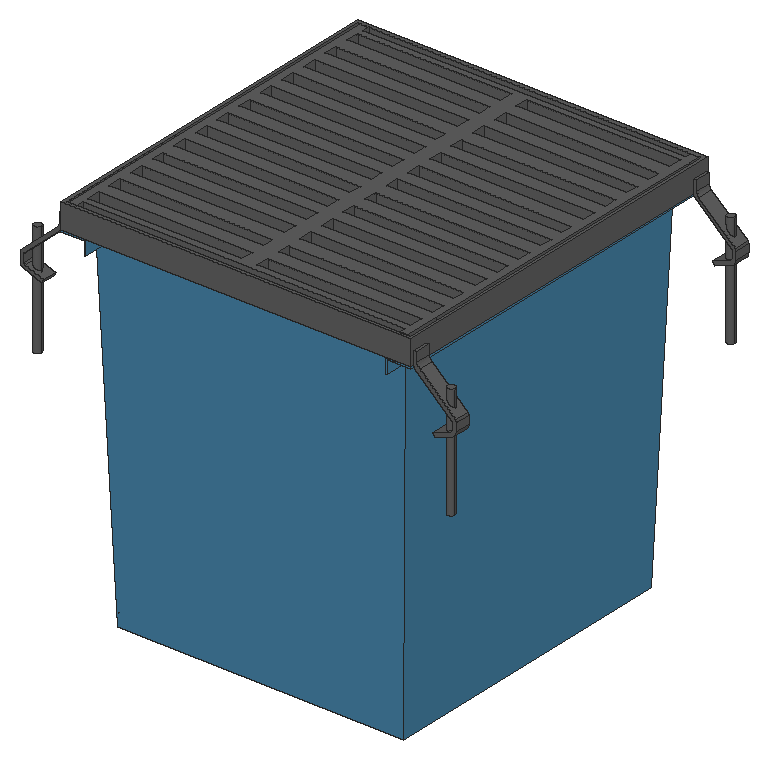
Revit family "Basin_Catch_23.25X24.625-Zurn-ZF817-24", category Plumbing Fixtures, Revit 2022
Family settings
  Round Connector Dimension = Use Radius
  Part Type = Normal
  OmniClass Number = 23.70.50.21.24.14
  OmniClass Title = Deck Waste Water Drains
  Work Plane-Based = No
  Always vertical = Yes
  Cut with Voids When Loaded = No
  Maintain Annotation Orientation = No
  Shared = No
  Room Calculation Point = No
Parameters (values of type "ZF812-24  With 4 Inch No Hub Bottom Outlet")
  Waste Connection = 1 = 1  # yes
  WFU = 1  # constant formula
  Vent Connection = 1 = 0  # no
  URL = "www.zurn.com"
  Type Comments = "ZF812-24 With 4 Inch No Hub Bottom Outlet"
  Product data url = "https://www.bimobject.com/en-us/zurnindustries/product/zurn-zf817-24"
  Product Page URL = "https://www.zurn.com/products/drainage-interceptors/trench-drain-systems/catch-basin/zf817-24"
  Product Documentation Link = "https://files.zurn.com/spec-sheets/zf817-24.pdf"
  Pipe Size_A Outer Radius = Pipe Size_A Outer Diameter / 2  # 2.250"
  Pipe Size_A Outer Diameter = 4.500"
  Pipe Size_A Nominal Radius = Pipe Size_A Nominal Diameter / 2  # 2.000"
  Pipe Size_A Nominal Diameter = 4.000"
  Pipe Size_A Inside Radius = Pipe Size_A Inside Diameter / 2  # 2.013"
  Pipe Size_A Inside Diameter = 4.026"
  Modified Date = "12/23/2025"  # constant formula
  Model = "ZF812-24"
  Material_Grate [instance] = Iron - Zurn - Cast - Ductile - Painted Black
  Manufacurer Brand = "Zurn"  # constant formula
  Manufacturer = "Zurn Water, LLC"  # constant formula
  Main Material = Polymer - Zurn - Fiber Reinforced Blue
  HWFU = 0  # constant formula
  HW Connection = 1 = 0  # no
  End Outlet = no
  Description = "23-1/4 [591] WIDE REVEAL X 24-5/8 [625] LONG REINFORCED POLYMER CATCH BASIN"  # constant formula
  Default Elevation = 20.000"  # constant formula
  Date Created = "11/13/2018"  # constant formula
  Connector Radius = Pipe Size_A Nominal Diameter / 2  # 2.000"
  CWFU = 0  # constant formula
  CW Connection = 1 = 0  # no
  Bottom Outlet = yes
  Assembly Code = "D2040300"
Types (7): name | Type Comments | Pipe Size_A Outer Radius | Pipe Size_A Outer Diameter | Pipe Size_A Nominal Radius | Pipe Size_A Nominal Diameter | Pipe Size_A Inside Radius | Pipe Size_A Inside Diameter | End Outlet | Connector Radius | Bottom Outlet
  (no name) | "ZF812-24 With 4 Inch No Hub Bottom Outlet" | 2.250" | 4.500" | 2.000" | 4.000" | 2.013" | 4.026" | no | 2.000" | yes
  ZF812-24 With 4 Inch No Hub End Outlet | "ZF812-24 With 4 Inch No Hub End Outlet" | 2.250" | 4.500" | 2.000" | 4.000" | 2.013" | 4.026" | yes | 2.000" | no
  ZF812-24 With 6 Inch No Hub End Outlet | "ZF812-24 With 6 Inch No Hub End Outlet" | 3.3125" | 6.625" | 3.000" | 6.000" | 3.0325" | 6.065" | yes | 3.000" | no
  ZF812-24 With 8 Inch No Hub End Outlet | "ZF812-24 With 8 Inch No Hub End Outlet" | 4.3125" | 8.625" | 4.000" | 8.000" | 3.9905" | 7.981" | yes | 4.000" | no
  ZF812-24  With 4 Inch No Hub Bottom Outlet | "ZF812-24 With 4 Inch No Hub Bottom Outlet" | 2.250" | 4.500" | 2.000" | 4.000" | 2.013" | 4.026" | no | 2.000" | yes
  ZF812-24 With 6 Inch No Hub Bottom Outlet | "ZF812-24 With 6 Inch No Hub Bottom Outlet" | 3.3125" | 6.625" | 3.000" | 6.000" | 3.0325" | 6.065" | no | 3.000" | yes
  ZF812-24 With 8 Inch No Hub Bottom Outlet | "ZF812-24 With 8 Inch No Hub Bottom Outlet" | 4.3125" | 8.625" | 4.000" | 8.000" | 3.9905" | 7.981" | no | 4.000" | yes
Reference planes (in)
  plane 1 "Center (Front/Back)": y = 0
  plane 2: z = 0
  plane 3 "Center (Left/Right)": x = 0
  plane 4: x = -11.625
  plane 5: x = 11.625
  plane 6: z = -1.6875
  plane 7: x = 11.437
  plane 8: x = -11.437
  plane 9: z = -1.4995
  plane 10: y = 12.3125
  plane 11: y = -12.3125
  plane 12 "001": z = -1.8125
  plane 13 "002": z = -25.5
  plane 14: through (-5.0483, -180, 1.3572) normal (0.9994, 0, 0.0349)
  plane 15: through (-5.23619, -180, 1.35064) normal (0.9994, 0, 0.0349)
  plane 16: z = -25.312
  plane 17 "L": y = -12.1245
  plane 18: y = 12.1245
  plane 19: x = 14.5
  plane 20: x = 14.25
  plane 21: z = -5.4375
  plane 22: x = -2
  plane 23: x = 2
  plane 24 "Bottom Outlet": z = -27.5
  plane 25: z = -20.812
  plane 26 "003": z = -9.9375
  plane 27: x = -2
  plane 28: x = 2
  plane 29: y = 10.969
  plane 30: y = -10.969
  plane 31: y = -10.18
  plane 32: y = 10.18
  plane 33: z = -1.78125
  plane 34: x = -14.5
  plane 35: y = 2
  plane 36: y = -2
  plane 37: z = -18.812
  plane 38: z = -22.812
Forms (in)
  Extrusion 1, solid, material "Polymer - Zurn - Fiber Reinforced Blue" <- "Main Material", detail levels fine
    sketch origin (0, 0, 0) x (1, 0, 0) y (0, 0, 1)
      loop
        line (10.0625, -1.78125) -> (11.625, -1.78125) -> (11.625, -1.6875) -> (9.96875, -1.6875) -> (9.96875, -2.65625) -> (10.0625, -2.65625) -> (10.0625, -1.78125)
      loop
        line (-10.0625, -1.78125) -> (-10.0625, -2.65625) -> (-9.96875, -2.65625) -> (-9.96875, -1.6875) -> (-11.625, -1.6875) -> (-11.625, -1.78125) -> (-10.0625, -1.78125)
    from -12.3125 to 12.3125
  Extrusion 2, solid, material "Iron - Zurn - Cast - Ductile - Painted Black" <- "Material_Grate", detail levels fine
    sketch origin (0, 0, 0) x (1, 0, 0) y (0, 0, 1)
      loop
        line (11.625, -0.75) -> (11.625, -1.52613)
        arc (11.625, -1.52613) -> (11.65821, -1.68278) -> (11.75211, -1.8125) r 0.38614
        line (11.75211, -1.8125) -> (14.20763, -4.03354)
        arc (14.20763, -4.03354) -> (14.23714, -4.04171) -> (14.25, -4.06949) r 0.03643
        line (14.25, -4.06949) -> (14.25, -4.61807)
        arc (14.25, -4.61807) -> (14.22812, -4.68872) -> (14.17014, -4.73464) r 0.125
        line (14.17014, -4.73464) -> (12.95704, -5.20437) -> (13.04731, -5.4375) -> (14.26041, -4.96777)
        arc (14.26041, -4.96777) -> (14.43436, -4.83003) -> (14.5, -4.61807) r 0.375
        line (14.5, -4.61807) -> (14.5, -4.0806)
        arc (14.5, -4.0806) -> (14.48936, -3.9991) -> (14.45816, -3.92305) r 0.31754
        line (14.45816, -3.92305) -> (12.02787, -1.72483)
        arc (12.02787, -1.72483) -> (11.91493, -1.56883) -> (11.875, -1.38043) r 0.46438
        line (11.875, -1.38043) -> (11.875, -0.75) -> (11.625, -0.75)
      loop
        line (-11.625, -0.75) -> (-11.875, -0.75) -> (-11.875, -1.38043)
        arc (-11.875, -1.38043) -> (-11.91493, -1.56883) -> (-12.02787, -1.72483) r 0.46438
        line (-12.02787, -1.72483) -> (-14.45816, -3.92305)
        arc (-14.45816, -3.92305) -> (-14.48936, -3.9991) -> (-14.5, -4.0806) r 0.31754
        line (-14.5, -4.0806) -> (-14.5, -4.61807)
        arc (-14.5, -4.61807) -> (-14.43436, -4.83003) -> (-14.26041, -4.96777) r 0.375
        line (-14.26041, -4.96777) -> (-13.04731, -5.4375) -> (-12.95704, -5.20437) -> (-14.17014, -4.73464)
        arc (-14.17014, -4.73464) -> (-14.22812, -4.68872) -> (-14.25, -4.61807) r 0.125
        line (-14.25, -4.61807) -> (-14.25, -4.06949)
        arc (-14.25, -4.06949) -> (-14.23714, -4.04171) -> (-14.20763, -4.03354) r 0.03643
        line (-14.20763, -4.03354) -> (-11.75211, -1.8125)
        arc (-11.75211, -1.8125) -> (-11.65821, -1.68278) -> (-11.625, -1.52613) r 0.38614
        line (-11.625, -1.52613) -> (-11.625, -0.75)
    from 12.1245 to 11.1245
  Extrusion 3, solid, material "Iron - Zurn - Cast - Ductile - Painted Black" <- "Material_Grate", detail levels fine
    sketch origin (0, 0, -9.9375) x (-1, 0, 0) y (0, -1, 0)
      loop
        circle (-13.75, 11.6245) r 0.25
      loop
        circle (13.75, 11.6245) r 0.25
      loop
        circle (-13.75, -11.6245) r 0.25
      loop
        circle (13.75, -11.6245) r 0.25
    from 0 to 7.5015
  Extrusion 4, solid, material "Iron - Zurn - Cast - Ductile - Painted Black" <- "Material_Grate", detail levels fine
    sketch origin (0, 0, 0) x (1, 0, 0) y (0, 1, 0)
      loop
        line (-11.625, 12.3125) -> (-11.625, -12.3125) -> (11.625, -12.3125) -> (11.625, 12.3125) -> (-11.625, 12.3125)
      loop
        line (-11.437, 12.1245) -> (-11.437, -12.1245) -> (11.437, -12.1245) -> (11.437, 12.1245) -> (-11.437, 12.1245)
    from 0 to -1.6875
  Extrusion 5, solid, material "Polymer - Zurn - Fiber Reinforced Blue" <- "Main Material", visible <- "Bottom Outlet", detail levels fine
    sketch origin (0, 0, -25.5) x (-1, 0, 0) y (0, -1, 0)
      loop
        circle (0, 0) r 2.25
      loop
        circle (0, 0) r 2.013
    from 0 to -2
  Extrusion 6, solid, material "Polymer - Zurn - Fiber Reinforced Blue" <- "Main Material", visible <- "End Outlet", detail levels fine
    sketch origin (0, -12.1245, 0) x (0, 0, 1) y (-1, 0, 0)
      loop
        circle (-20.812, 0) r 2.25
      loop
        circle (-20.812, 0) r 2.013
    from -2.10947 to 0
  Blend 7, solid, material "Polymer - Zurn - Fiber Reinforced Blue" <- "Main Material", detail levels fine
    base sketch origin (0, 0, -1.8125) x (-1, 0, 0) y (0, -1, 0)
      loop
        line (10.3125, -11.063) -> (10.3125, 11.063) -> (-10.3125, 11.063) -> (-10.3125, -11.063) -> (10.3125, -11.063)
    top sketch origin (0, 0, -25.5) x (-1, 0, 0) y (0, -1, 0)
      loop
        line (9.51562, -10.26562) -> (9.51562, 10.26563) -> (-9.51563, 10.26563) -> (-9.51563, -10.26562) -> (9.51562, -10.26562)
    from 0.03125 to 0
  Blend 8, void, detail levels fine
    base sketch origin (0, 0, -25.5) x (-1, 0, 0) y (0, -1, 0)
      loop
        line (9.42187, -10.21875) -> (9.42187, 10.21875) -> (-9.42188, 10.21875) -> (-9.42188, -10.21875) -> (9.42187, -10.21875)
    top sketch origin (0, 0, -25.5) x (-1, 0, 0) y (0, -1, 0)
      loop
        line (10.1255, -10.8755) -> (10.1255, 10.8755) -> (-10.1255, 10.8755) -> (-10.1255, -10.8755) -> (10.1255, -10.8755)
    from 0.188 to 23.71875
  Extrusion 9, solid, material "Iron - Zurn - Cast - Ductile - Painted Black" <- "Material_Grate", detail levels fine
    sketch origin (0, 0, 0) x (1, 0, 0) y (0, 0, 1)
      loop
        line (11.75211, -1.8125) -> (14.20763, -4.03354)
        arc (14.20763, -4.03354) -> (14.23714, -4.04171) -> (14.25, -4.06949) r 0.03643
        line (14.25, -4.06949) -> (14.25, -4.61807)
        arc (14.25, -4.61807) -> (14.22812, -4.68872) -> (14.17014, -4.73464) r 0.125
        line (14.17014, -4.73464) -> (12.95704, -5.20437) -> (13.04731, -5.4375) -> (14.26041, -4.96777)
        arc (14.26041, -4.96777) -> (14.43436, -4.83003) -> (14.5, -4.61807) r 0.375
        line (14.5, -4.61807) -> (14.5, -4.0806)
        arc (14.5, -4.0806) -> (14.48936, -3.9991) -> (14.45816, -3.92305) r 0.31754
        line (14.45816, -3.92305) -> (12.02787, -1.72483)
        arc (12.02787, -1.72483) -> (11.91493, -1.56883) -> (11.875, -1.38043) r 0.46438
        line (11.875, -1.38043) -> (11.875, -0.75) -> (11.625, -0.75) -> (11.625, -1.52613)
        arc (11.625, -1.52613) -> (11.65821, -1.68278) -> (11.75211, -1.8125) r 0.38614
      loop
        line (-14.20763, -4.03354) -> (-11.75211, -1.8125)
        arc (-11.75211, -1.8125) -> (-11.65821, -1.68278) -> (-11.625, -1.52613) r 0.38614
        line (-11.625, -1.52613) -> (-11.625, -0.75) -> (-11.875, -0.75) -> (-11.875, -1.38043)
        arc (-11.875, -1.38043) -> (-11.91493, -1.56883) -> (-12.02787, -1.72483) r 0.46438
        line (-12.02787, -1.72483) -> (-14.45816, -3.92305)
        arc (-14.45816, -3.92305) -> (-14.48936, -3.9991) -> (-14.5, -4.0806) r 0.31754
        line (-14.5, -4.0806) -> (-14.5, -4.61807)
        arc (-14.5, -4.61807) -> (-14.43436, -4.83003) -> (-14.26041, -4.96777) r 0.375
        line (-14.26041, -4.96777) -> (-13.04731, -5.4375) -> (-12.95704, -5.20437) -> (-14.17014, -4.73464)
        arc (-14.17014, -4.73464) -> (-14.22812, -4.68872) -> (-14.25, -4.61807) r 0.125
        line (-14.25, -4.61807) -> (-14.25, -4.06949)
        arc (-14.25, -4.06949) -> (-14.23714, -4.04171) -> (-14.20763, -4.03354) r 0.03643
    from -11.125 to -12.1245
Cuts and joins
  Blend 8 cuts Extrusion 5
  Blend 8 cuts Extrusion 6
  Blend 8 cuts Blend 7
Lines and regions (in)
  Masking region 1, detail levels fine
    outline origin (0, 0, -1.8125) x (-1, 0, 0) y (0, -1, 0)
      loop
        line (-11.625, -12.3125) -> (11.625, -12.3125) -> (11.625, -12.1245) -> (14.5, -12.1245) -> (14.5, -11.125) -> (11.625, -11.125) -> (11.625, 11.1245) -> (14.5, 11.1245) -> (14.5, 12.1245) -> (11.625, 12.1245) -> (11.625, 12.3125) -> (-11.625, 12.3125) -> (-11.625, 12.1245) -> (-14.5, 12.1245) -> (-14.5, 11.1245) -> (-11.625, 11.1245) -> (-11.625, -11.125) -> (-14.5, -11.125) -> (-14.5, -12.1245) -> (-11.625, -12.1245) -> (-11.625, -12.3125)
  model lines, detail levels coarse+medium
    curve 1: line (0, -10.96875, -1.8125) -> (0, -12.1245, -1.8125)
    curve 2: line (0, -12.1245, -1.8125) -> (0, -12.1245, 0)
    curve 3: line (0, 10.96875, -1.8125) -> (0, 12.1245, -1.8125)
    curve 4: line (0, 12.1245, -1.8125) -> (0, 12.1245, 0)
    curve 11: line (0, 10.96875, -1.8125) -> (0, 10.18, -25.5)
    curve 12: line (0, -10.96875, -1.8125) -> (0, -10.18, -25.5)
    curve 13: line (-11.437, 12.1245, 0) -> (11.437, 12.1245, 0)
    curve 14: line (-11.437, -12.1245, 0) -> (-11.437, 12.1245, 0)
    curve 15: line (11.437, -12.1245, 0) -> (-11.437, -12.1245, 0)
    curve 16: line (11.437, 12.1245, 0) -> (11.437, -12.1245, 0)
    curve 17: line (-9.1496, 12.1245, 0) -> (-9.1496, -12.1245, 0)
    curve 18: line (-6.8622, -12.1245, 0) -> (-6.8622, 12.1245, 0)
    curve 19: line (-4.5748, 12.1245, 0) -> (-4.5748, -12.1245, 0)
    curve 20: line (-2.2874, -12.1245, 0) -> (-2.2874, 12.1245, 0)
    curve 21: line (0, 12.1245, 0) -> (0, -12.1245, 0)
    curve 22: line (9.1496, 12.1245, 0) -> (9.1496, -12.1245, 0)
    curve 23: line (6.8622, -12.1245, 0) -> (6.8622, 12.1245, 0)
    curve 24: line (4.5748, 12.1245, 0) -> (4.5748, -12.1245, 0)
    curve 25: line (2.2874, -12.1245, 0) -> (2.2874, 12.1245, 0)
    curve 26: line (-11.437, 10.10375, 0) -> (11.437, 10.10375, 0)
    curve 27: line (-11.437, 8.083, 0) -> (11.437, 8.083, 0)
    curve 28: line (11.437, 6.06225, 0) -> (-11.437, 6.06225, 0)
    curve 29: line (-11.437, 4.0415, 0) -> (11.437, 4.0415, 0)
    curve 30: line (11.437, 2.02075, 0) -> (-11.437, 2.02075, 0)
    curve 31: line (-11.437, 0, 0) -> (11.437, 0, 0)
    curve 32: line (-11.437, -10.10375, 0) -> (11.437, -10.10375, 0)
    curve 33: line (-11.437, -8.083, 0) -> (11.437, -8.083, 0)
    curve 34: line (11.437, -6.06225, 0) -> (-11.437, -6.06225, 0)
    curve 35: line (-11.437, -4.0415, 0) -> (11.437, -4.0415, 0)
    curve 36: line (11.437, -2.02075, 0) -> (-11.437, -2.02075, 0)
    curve 37: line (0, 10.18, -25.5) -> (0, -10.18, -25.5)
    curve 38: line (-11.625, 12.3125, 0) -> (11.625, 12.3125, 0)
    curve 39: line (-11.625, -12.3125, 0) -> (-11.625, 12.3125, 0)
    curve 40: line (11.625, -12.3125, 0) -> (-11.625, -12.3125, 0)
    curve 41: line (11.625, 12.3125, 0) -> (11.625, -12.3125, 0)
  model lines, visible <- "Bottom Outlet", detail levels coarse+medium
    curve 5: line (0, 0, -25.5) -> (0, 0, -27.5)
    curve 9: line (0, 2, -27.5) -> (0, -2, -27.5)
    curve 10: line (-2, 0, -27.5) -> (2, 0, -27.5)
  model lines, visible <- "End Outlet", detail levels coarse+medium
    curve 6: line (0, -10.42323, -20.812) -> (0, -12.1245, -20.812)
    curve 7: line (0, -12.1245, -18.812) -> (0, -12.1245, -22.812)
    curve 8: line (-2, -12.1245, -20.812) -> (2, -12.1245, -20.812)
Dimensions and locks (in)
  equal spacing: plane 4, plane 3 "Center (Left/Right)", plane 5
  locked: plane 4 to plane 5 at 23.25
  locked: level to plane 6 at 1.6875
  equal spacing: plane 5, plane 3 "Center (Left/Right)", plane 4, locked at 11.625 each
  locked: plane 8 to plane 4 at 0.188
  locked: plane 5 to plane 7 at 0.188
  locked: plane 9 to plane 6 at 0.188
  equal spacing: plane 10, plane 1 "Center (Front/Back)", plane 11
  locked: plane 10 to plane 11 at 24.625
  locked: plane 6 to plane 12 "001" at 0.125
  locked: level to plane 13 "002" at 25.5
  locked: plane 14 to plane 15 at 0.188
  locked: plane 16 to plane 13 "002" at 0.188
  plane 10 to plane 18 = 0.188"
  locked: plane 17 "L" to plane 11 at 0.188
  locked: plane 19 to plane 5 at 2.875
  locked: plane 20 to plane 5 at 2.625
  locked: level to plane 21 at 5.4375
  locked: level to Extrusion 2 sketch curve at 0.75  (x2)
  Extrusion 2 sketch curve to Extrusion 2 sketch curve = 0.53747"
  locked: Extrusion 2 sketch curve to Extrusion 2 sketch curve at 0.25  (x6)
  locked: plane 19 to Extrusion 2 sketch curve at 1.45269
  locked: plane 20 to Extrusion 2 sketch curve at 1.29296
  locked: plane 6 to Extrusion 2 sketch curve at 0.03733  (x2)
  locked: Extrusion 2 to plane 11 at 0.188
  locked: Extrusion 2 to Extrusion 2 at 1
  locked: plane 13 "002" to plane 24 "Bottom Outlet" at 2
  locked: level to plane 26 "003" at 9.9375
  locked: plane 5 to Extrusion 3 sketch curve at 2.125  (x2)
  locked: level to Extrusion 3 at 2.436  (x2)
  locked: plane 17 "L" to Extrusion 3 sketch curve at 0.5  (x2)
  locked: Extrusion 3 sketch curve to plane 4 at 2.125  (x2)
  locked: Extrusion 3 sketch curve to plane 18 at 0.5  (x2)
  locked: Extrusion 3 to level at 2.436  (x2)
  locked: plane 25 to plane 16 at 4.5
  locked: Extrusion 6 to Extrusion 6 at 2.10947
  curve 3 to plane 1 "Center (Front/Back)" to curve 1 = 10.96875" locked, 10.96875" locked
  locked: curve 3 to curve 3 at 1.15575
  plane 29 to plane 1 "Center (Front/Back)" to plane 30 = 10.969" locked, 10.969" locked
  plane 32 to plane 1 "Center (Front/Back)" to plane 31 = 10.180" locked, 10.180" locked
  locked: Extrusion 1 sketch curve to plane 6 at 0.96875  (x2)
  locked: plane 33 to plane 6 at 0.09375
  Extrusion 1 sketch curve to Extrusion 1 sketch curve to Extrusion 1 sketch curve = 0.09375" locked, 1.5625" locked  (x2)
  locked: Extrusion 2 sketch curve to Extrusion 2 sketch curve at 0.53747
  Blend 7 sketch curve to plane 1 "Center (Front/Back)" to Blend 7 sketch curve = 10.26563" locked, 10.26563" locked
  locked: Blend 7 sketch curve to Blend 7 sketch curve at 19.03125
  Blend 7 sketch curve to Blend 7 sketch curve = 20.53125"
  Blend 7 sketch curve to plane 3 "Center (Left/Right)" to Blend 7 sketch curve = 10.3125" locked, 10.3125" locked
  Blend 7 sketch curve to plane 1 "Center (Front/Back)" to Blend 7 sketch curve = 11.063" locked, 11.063" locked
  Blend 7 sketch curve to Blend 7 sketch curve = 19.03125"
  equal spacing: Blend 8 sketch curve, plane 3 "Center (Left/Right)", Blend 8 sketch curve, locked at 9.42188 each
  equal spacing: Blend 8 sketch curve, plane 1 "Center (Front/Back)", Blend 8 sketch curve, locked at 10.21875 each
  Blend 8 sketch curve to Blend 8 sketch curve = 20.251"
  equal spacing: Blend 8 sketch curve, plane 1 "Center (Front/Back)", Blend 8 sketch curve, locked at 10.8755 each
  locked: Extrusion 9 to plane 18 at 0.9995
  locked: Blend 8 sketch curve to Blend 8 sketch curve at 21.751
  locked: Blend 8 sketch curve to Blend 8 sketch curve at 20.251
  locked: Blend 8 sketch curve to Blend 8 sketch curve at 18.84375
  locked: Blend 8 sketch curve to Blend 8 sketch curve at 20.4375
  equal spacing: curve 14, curve 17, curve 18, curve 19, curve 20, curve 21, curve 25, curve 24, curve 23, curve 22, curve 16, locked at 2.2874 each
  equal spacing: curve 13, curve 26, curve 27, curve 28, curve 29, curve 30, curve 31, curve 36, curve 35, curve 34, curve 33, curve 32, curve 15, locked at 2.02075 each
  equal spacing: plane 22, plane 3 "Center (Left/Right)", plane 23
  "Pipe Size_A Nominal Diameter": plane 22 to plane 23
  equal spacing: plane 28, plane 3 "Center (Left/Right)", plane 27
  "Pipe Size_A Nominal Diameter": plane 28 to plane 27
  equal spacing: plane 35, plane 1 "Center (Front/Back)", plane 36
  "Pipe Size_A Nominal Diameter": plane 35 to plane 36
  locked: curve 6 to curve 6 at 1.70127
  equal spacing: plane 37, plane 25, plane 38
  "Pipe Size_A Nominal Diameter": plane 37 to plane 38
  equal spacing: Blend 7 sketch curve, nested 1, Blend 7 sketch curve, locked at 9.51563 each
  locked: Extrusion 9 to Extrusion 9 at 0.25
  locked: plane 26 "003" to Extrusion 3 at 7.5015  (x2)
  radius of Extrusion 2 sketch curve = 0.375"  (x2)
  radius of Extrusion 3 sketch curve = 0.250"  (x2)
  "Pipe Size_A Outer Diameter": diameter of Extrusion 5 sketch curve
  "Pipe Size_A Inside Diameter": diameter of Extrusion 5 sketch curve
  "Pipe Size_A Outer Diameter": diameter of Extrusion 6 sketch curve
  "Pipe Size_A Inside Diameter": diameter of Extrusion 6 sketch curve
  locked: plane 3 "Center (Left/Right)" to plane 14 (angle 2.00°)
  aligned and locked: plane 2 to level
  aligned and locked: Extrusion 1 to plane 10
  aligned and locked: plane 11 to Extrusion 1
  aligned and locked: plane 5 to Extrusion 2 sketch curve
  aligned and locked: Extrusion 2 sketch curve to plane 19
  aligned and locked: Extrusion 2 sketch curve to plane 20
  aligned and locked: plane 12 "001" to Extrusion 2 sketch curve
  aligned and locked: plane 17 "L" to Extrusion 2
  aligned and locked: Extrusion 3 to plane 26 "003"
  aligned and locked: plane 26 "003" to Extrusion 3  (x4)
  aligned and locked: plane 17 "L" to nested 1  (x2)
  aligned and locked: nested 1 to plane 17 "L"
  aligned and locked: nested 1 to plane 18  (x2)
  aligned and locked: plane 4 to Extrusion 4 sketch curve
  aligned and locked: Extrusion 4 sketch curve to plane 11
  aligned and locked: Extrusion 4 sketch curve to plane 5
  aligned and locked: Extrusion 4 sketch curve to plane 7
  aligned and locked: plane 8 to Extrusion 4 sketch curve
  aligned and locked: plane 18 to Extrusion 4 sketch curve
  aligned and locked: plane 10 to Extrusion 4 sketch curve
  aligned and locked: level to Extrusion 4
  aligned and locked: Extrusion 4 to plane 6
  aligned and locked: Extrusion 4 sketch curve to plane 17 "L"
  aligned and locked: plane 17 "L" to curve 2
  aligned and locked: plane 24 "Bottom Outlet" to curve 5
  aligned and locked: plane 13 "002" to curve 5
  aligned and locked: curve 5 to plane 3 "Center (Left/Right)"
  aligned and locked: curve 6 to plane 17 "L"
  aligned and locked: plane 25 to curve 6
  aligned and locked: curve 7 to plane 3 "Center (Left/Right)"
  aligned and locked: curve 9 to nested 1
  aligned and locked: plane 1 "Center (Front/Back)" to curve 10
  aligned and locked: plane 1 "Center (Front/Back)" to Extrusion 5 sketch curve  (x2)
  aligned and locked: plane 3 "Center (Left/Right)" to Extrusion 5 sketch curve  (x2)
  aligned and locked: Extrusion 5 to plane 24 "Bottom Outlet"
  aligned and locked: plane 13 "002" to Extrusion 5
  aligned and locked: plane 3 "Center (Left/Right)" to Extrusion 6 sketch curve  (x2)
  aligned and locked: plane 25 to Extrusion 6 sketch curve  (x2)
  aligned and locked: Extrusion 6 to plane 17 "L"
  aligned and locked: plane 12 "001" to curve 12
  aligned and locked: plane 31 to curve 12
  aligned and locked: Extrusion 1 sketch curve to plane 5
  aligned and locked: plane 33 to Extrusion 1 sketch curve
  aligned and locked: Extrusion 9 sketch curve to Extrusion 2  (x17)
  aligned and locked: Extrusion 4 to Extrusion 9 sketch curve
  aligned and locked: Extrusion 9 to plane 18
  aligned and locked: curve 16 to plane 7
  aligned and locked: curve 15 to plane 17 "L"
  aligned and locked: plane 8 to curve 14
  aligned and locked: plane 18 to curve 13
  aligned and locked: plane 13 "002" to curve 37  (x2)
  aligned and locked: plane 32 to curve 37
  aligned and locked: Masking region 1 sketch curve to Extrusion 4  (x3)
  aligned and locked: Extrusion 4 to Masking region 1 sketch curve
  aligned and locked: Extrusion 9 to Masking region 1 sketch curve
  aligned and locked: Masking region 1 sketch curve to Extrusion 9  (x3)
  aligned and locked: Extrusion 2 to Masking region 1 sketch curve
  aligned and locked: Masking region 1 sketch curve to Extrusion 2  (x4)
  aligned and locked: Masking region 1 sketch curve to plane 19
  aligned and locked: plane 5 to Masking region 1 sketch curve  (x2)
  aligned and locked: plane 4 to Masking region 1 sketch curve  (x2)
  aligned and locked: plane 34 to Masking region 1 sketch curve  (x2)
  aligned and locked: cut or joined group of Blend 7, Blend 8 to plane 13 "002"
  aligned and locked: cut or joined group of Blend 7, Blend 8 to plane 16
  aligned and locked: plane 33 to cut or joined group of Blend 7, Blend 8
  aligned and locked: plane 33 to Blend 8
  aligned and locked: plane 22 to curve 10
  aligned and locked: plane 23 to curve 10
  aligned and locked: plane 28 to curve 8
  aligned and locked: plane 27 to curve 8
  aligned and locked: curve 8 to plane 25
  aligned and locked: plane 35 to curve 9
  aligned and locked: plane 36 to curve 9
  aligned and locked: plane 37 to curve 7
  aligned and locked: plane 38 to curve 7
  aligned and locked: plane 34 to Extrusion 2 sketch curve
  aligned and locked: curve 40 to plane 11
  aligned and locked: plane 10 to curve 38
  aligned and locked: curve 41 to plane 5
  aligned and locked: plane 4 to curve 39
Automatic sketch dimensions
  Extrusion 2 sketch curve to Extrusion 2 sketch curve = 0.000"  (x3)
  Extrusion 2 sketch curve to plane 21 = 0.000"  (x2)
  Extrusion 2 sketch curve to plane 12 "001" = 0.000"
  Extrusion 2 sketch curve to plane 4 = 0.000"
  Extrusion 2 sketch curve to plane 9 = 0.02663"
  Extrusion 2 sketch curve to Extrusion 2 sketch curve = 0.13614"  (x2)
  Extrusion 2 sketch curve to Extrusion 2 sketch curve = 0.09027"
  plane 21 to Extrusion 2 sketch curve = 0.81943"
  Extrusion 2 sketch curve to Extrusion 2 sketch curve = 0.06754"
  plane 21 to Extrusion 2 sketch curve = 1.40396"
  Extrusion 2 sketch curve to Extrusion 2 sketch curve = 0.0311"  (x2)
  plane 21 to Extrusion 2 sketch curve = 0.46973"
  plane 5 to Extrusion 2 sketch curve = 0.12711"
  Extrusion 2 sketch curve to plane 20 = 0.06754"
  Extrusion 2 sketch curve to plane 20 = 0.04237"
  plane 20 to Extrusion 2 sketch curve = 0.01041"
  Extrusion 1 sketch curve to plane 4 = 0.000"
  Extrusion 1 sketch curve to plane 33 = 0.000"
  Extrusion 1 sketch curve to plane 6 = 0.000"  (x2)
  curve 9 to plane 3 "Center (Left/Right)" = 0.000"
  Extrusion 9 sketch curve to plane 12 "001" = 0.000"  (x2)
  plane 21 to Extrusion 9 sketch curve = 1.51445"
  plane 21 to Extrusion 9 sketch curve = 0.46973"
  plane 21 to Extrusion 9 sketch curve = 1.40396"
  plane 21 to Extrusion 9 sketch curve = 0.70286"
  Extrusion 9 sketch curve to plane 6 = 0.03733"  (x2)
  Extrusion 9 sketch curve to plane 20 = 0.07986"
  Extrusion 9 sketch curve to Extrusion 9 sketch curve = 0.00594"
  plane 20 to Extrusion 9 sketch curve = 0.01041"
  Extrusion 9 sketch curve to plane 19 = 0.04184"
  Extrusion 9 sketch curve to Extrusion 9 sketch curve = 0.000"  (x4)
  Masking region 1 sketch curve to plane 5 = 0.000"
  plane 18 to Masking region 1 sketch curve = 0.000"  (x2)
  curve 4 to plane 12 "001" = 0.000"
  curve 2 to level = 0.000"
  curve 4 to level = 0.000"
  radius of Extrusion 3 sketch curve = 0.250"  (x2)
Nested families (in)
  nested 1: "Grate" at (0, 0.0005, 0), type "Grate", detail levels fine
    with Material_Grate Iron - Zurn - Cast - Ductile - Painted Black, Frame Adjustment Height 3.063", Enter Value-Frame Adjustment Height 0.000"
Connectors (in)
  piping at (0, -12.1245, -20.812), diameter 4, driven by "Pipe Size_A Nominal Radius", driven by "Waste Connection", driven by "Waste Connection"
    settings: on Extrusion 6, index 1, connector inside diameter 24", connector length 0.000", flow factor 0, pipe flow 0 GPM, pressure drop 0.00 psi, fitting loss kfactor 0, connector angle 0.00°, fixture units 0, engagement length 0.000", angle of deflection 0.00°, flow configuration 0, flow direction 2, fitting loss method 0, system type 16, joint type 0, gender type 0, connector reference index -1, connector utility 1, adjustable connector yes, is connector primary yes, connector description "Sanitary Outlet"
  piping at (0, 0, -27.5), diameter 4, driven by "Pipe Size_A Nominal Radius", driven by "Waste Connection", driven by "Waste Connection"
    settings: on Extrusion 5, index 2, connector inside diameter 24", connector length 0.000", flow factor 0, pipe flow 0 GPM, pressure drop 0.00 psi, fitting loss kfactor 0, connector angle 0.00°, fixture units 0, engagement length 0.000", angle of deflection 0.00°, flow configuration 0, flow direction 2, fitting loss method 0, system type 16, joint type 0, gender type 0, connector reference index -1, connector utility 1, adjustable connector yes, is connector primary no, connector description "Sanitary Outlet"
Definition of nested family "Grate"
  Parameters (values of type "Grate")
    Waste Connection = 1 = 1  # yes
    WFU = 1  # constant formula
    Vent Connection = 1 = 0  # no
    URL = "www.zurn.com"
    Product data url = ""
    Product Page URL = ""
    Product Installation Sheet URL = ""
    Product Documentation Link = ""
    Pipe Size_A Outer Diameter = 0.000"
    Pipe Size_A Nominal Diameter = 0.000"
    Pipe Size_A Inside Diameter = 0.000"
    Modified Date = ""
    Material_Grate [instance] = none
    Manufacurer Brand = "Zurn"  # constant formula
    Manufacturer = "Zurn Water, LLC"  # constant formula
    Main Material = none
    HWFU = 0  # constant formula
    HW Connection = 1 = 0  # no
    Grate Open Area = 0 mm
    Frame Adjustment Height [instance] = if([Enter Value-Frame Adjustment Height] < 3.063", 3.063", if([Enter Value-Frame Adjustment Height] > 5.000", 5.000", [Enter Value-Frame Adjustment Height]))  # 3.063"
    Enter Value-Frame Adjustment Height [instance] = 0.000"
    Default Elevation = 20.000"  # constant formula
    Date Created = ""
    Connector Radius = Pipe Size_A Nominal Diameter / 2  # 0.000"
    CWFU = 0  # constant formula
    CW Connection = 1 = 0  # no
    Body Height_E = 0.000"
    Assembly Code = ""
    Approx. Weight (Lbs) = 0.000"
  Reference planes (in)
    plane 1 "Center (Front/Back)": y = 0
    plane 2: z = 0
    plane 3 "Center (Left/Right)": x = 0
    plane 4: y = -9.43056
    plane 5: y = -17.64041
    plane 6: y = -18.85253
    plane 7: x = 10.75
    plane 8: x = -10.75
    plane 9: x = -0.5
    plane 10: x = 0.5
    plane 11: y = -7.63426
    plane 12: y = -8.53241
    plane 13: y = -6.73611
    plane 14: y = -6.73611
    plane 15: y = -4.93981
    plane 16: y = -5.83796
    plane 17: y = -3.14352
    plane 18: y = -4.04167
    plane 19: y = -1.34722
    plane 20: y = -2.24537
    plane 21: y = 10.3287
    plane 22: y = 11.22685
    plane 23: y = 8.53241
    plane 24: y = 9.43056
    plane 25: y = 6.73611
    plane 26: y = 7.63426
    plane 27: y = 4.93981
    plane 28: y = 5.83796
    plane 29: y = 3.14352
    plane 30: y = 4.04167
    plane 31: y = 1.34722
    plane 32: y = 2.24537
    plane 33: y = -0.44907
    plane 34: y = 0.44907
    plane 35: y = -11.22685
    plane 36: y = -10.3287
    plane 37: y = 12.125
    plane 38: y = -12.125
  Forms (in)
    Extrusion 1, solid, material <- "Material_Grate"
      sketch origin (32.60582, 37.7453, 0) x (1, 0, 0) y (0, 1, 0)
        loop
          line (-43.85582, -47.5) -> (-43.85582, -49.8703) -> (-43.35582, -49.8703) -> (-43.35582, -49.3703) -> (-21.85582, -49.3703) -> (-21.85582, -49.8703) -> (-21.35582, -49.8703) -> (-21.35582, -47.5) -> (-21.35582, -25.6203) -> (-21.85582, -25.6203) -> (-21.85582, -26.1203) -> (-43.35582, -26.1203) -> (-43.35582, -25.6203) -> (-43.85582, -25.6203) -> (-43.85582, -47.5)
        loop
          line (-32.10582, -47.17586) -> (-21.85582, -47.17586) -> (-21.85582, -46.27771) -> (-32.10582, -46.27771) -> (-32.10582, -47.17586)
        loop
          line (-32.10582, -45.37956) -> (-21.85582, -45.37956) -> (-21.85582, -44.48141) -> (-32.10582, -44.48141) -> (-32.10582, -45.37956)
        loop
          line (-21.85582, -43.58326) -> (-21.85582, -42.68512) -> (-32.10582, -42.68512) -> (-32.10582, -43.58326) -> (-21.85582, -43.58326)
        loop
          line (-21.85582, -41.78697) -> (-21.85582, -40.88882) -> (-32.10582, -40.88882) -> (-32.10582, -41.78697) -> (-21.85582, -41.78697)
        loop
          line (-21.85582, -39.99067) -> (-21.85582, -39.09252) -> (-32.10582, -39.09252) -> (-32.10582, -39.99067) -> (-21.85582, -39.99067)
        loop
          line (-21.85582, -26.51845) -> (-32.10582, -26.51845) -> (-32.10582, -27.4166) -> (-21.85582, -27.4166) -> (-21.85582, -26.51845)
        loop
          line (-21.85582, -28.31475) -> (-32.10582, -28.31475) -> (-32.10582, -29.21289) -> (-21.85582, -29.21289) -> (-21.85582, -28.31475)
        loop
          line (-21.85582, -30.11104) -> (-32.10582, -30.11104) -> (-32.10582, -31.00919) -> (-21.85582, -31.00919) -> (-21.85582, -30.11104)
        loop
          line (-21.85582, -31.90734) -> (-32.10582, -31.90734) -> (-32.10582, -32.80549) -> (-21.85582, -32.80549) -> (-21.85582, -31.90734)
        loop
          line (-21.85582, -33.70363) -> (-32.10582, -33.70363) -> (-32.10582, -34.60178) -> (-21.85582, -34.60178) -> (-21.85582, -33.70363)
        loop
          line (-21.85582, -35.49993) -> (-32.10582, -35.49993) -> (-32.10582, -36.39808) -> (-21.85582, -36.39808) -> (-21.85582, -35.49993)
        loop
          line (-33.10582, -47.17586) -> (-33.10582, -46.27771) -> (-43.35582, -46.27771) -> (-43.35582, -47.17586) -> (-33.10582, -47.17586)
        loop
          line (-33.10582, -45.37956) -> (-33.10582, -44.48141) -> (-43.35582, -44.48141) -> (-43.35582, -45.37956) -> (-33.10582, -45.37956)
        loop
          line (-43.35582, -43.58326) -> (-33.10582, -43.58326) -> (-33.10582, -42.68512) -> (-43.35582, -42.68512) -> (-43.35582, -43.58326)
        loop
          line (-43.35582, -41.78697) -> (-33.10582, -41.78697) -> (-33.10582, -40.88882) -> (-43.35582, -40.88882) -> (-43.35582, -41.78697)
        loop
          line (-43.35582, -39.99067) -> (-33.10582, -39.99067) -> (-33.10582, -39.09252) -> (-43.35582, -39.09252) -> (-43.35582, -39.99067)
        loop
          line (-43.35582, -26.51845) -> (-43.35582, -27.4166) -> (-33.10582, -27.4166) -> (-33.10582, -26.51845) -> (-43.35582, -26.51845)
        loop
          line (-43.35582, -28.31475) -> (-43.35582, -29.21289) -> (-33.10582, -29.21289) -> (-33.10582, -28.31475) -> (-43.35582, -28.31475)
        loop
          line (-43.35582, -30.11104) -> (-43.35582, -31.00919) -> (-33.10582, -31.00919) -> (-33.10582, -30.11104) -> (-43.35582, -30.11104)
        loop
          line (-43.35582, -31.90734) -> (-43.35582, -32.80549) -> (-33.10582, -32.80549) -> (-33.10582, -31.90734) -> (-43.35582, -31.90734)
        loop
          line (-43.35582, -33.70363) -> (-43.35582, -34.60178) -> (-33.10582, -34.60178) -> (-33.10582, -33.70363) -> (-43.35582, -33.70363)
        loop
          line (-43.35582, -35.49993) -> (-43.35582, -36.39808) -> (-33.10582, -36.39808) -> (-33.10582, -35.49993) -> (-43.35582, -35.49993)
        loop
          line (-21.85582, -37.29623) -> (-32.10582, -37.29623) -> (-32.10582, -38.19437) -> (-21.85582, -38.19437) -> (-21.85582, -37.29623)
        loop
          line (-43.35582, -37.29623) -> (-43.35582, -38.19437) -> (-33.10582, -38.19437) -> (-33.10582, -37.29623) -> (-43.35582, -37.29623)
        loop
          line (-32.10582, -48.97215) -> (-21.85582, -48.97215) -> (-21.85582, -48.074) -> (-32.10582, -48.074) -> (-32.10582, -48.97215)
        loop
          line (-33.10582, -48.97215) -> (-33.10582, -48.074) -> (-43.35582, -48.074) -> (-43.35582, -48.97215) -> (-33.10582, -48.97215)
      from -1.75 to 0
  Dimensions and locks (in)
    Extrusion 1 sketch curve to plane 3 "Center (Left/Right)" to Extrusion 1 sketch curve = 11.250", 11.250"
    locked: plane 6 to plane 5 at 1.21212
    plane 9 to plane 3 "Center (Left/Right)" to plane 10 = 0.500" locked, 0.500" locked
    locked: Extrusion 1 sketch curve to Extrusion 1 sketch curve at 0.5  (x2)
    plane 37 to plane 1 "Center (Front/Back)" to plane 38 = 12.125" locked, 12.125" locked
    equal spacing: plane 37, plane 22, plane 21, plane 24, plane 23, plane 26, plane 25, plane 28, plane 27, plane 30, plane 29, plane 32, plane 31, plane 34, plane 33, plane 19, plane 20, plane 17, plane 18, plane 15, plane 16, plane 14, plane 11, plane 12, plane 4, plane 36, plane 35, plane 38
    locked: Extrusion 1 sketch curve to plane 8 at 0.5
    locked: plane 7 to Extrusion 1 sketch curve at 0.5
    aligned and locked: plane 2 to level
    aligned and locked: Extrusion 1 sketch curve to Extrusion 1 sketch curve  (x2)
    aligned and locked: Extrusion 1 sketch curve to plane 4
    aligned and locked: Extrusion 1 sketch curve to plane 11
    aligned and locked: plane 14 to Extrusion 1 sketch curve
    aligned and locked: plane 16 to Extrusion 1 sketch curve
    aligned and locked: Extrusion 1 sketch curve to plane 15
    aligned and locked: plane 18 to Extrusion 1 sketch curve
    aligned and locked: Extrusion 1 sketch curve to plane 17
    aligned and locked: plane 20 to Extrusion 1 sketch curve
    aligned and locked: Extrusion 1 sketch curve to plane 19
    aligned and locked: plane 8 to Extrusion 1 sketch curve  (x10)
    aligned and locked: Extrusion 1 sketch curve to plane 8  (x5)
    aligned and locked: plane 9 to Extrusion 1 sketch curve  (x3)
    aligned and locked: Extrusion 1 sketch curve to plane 9  (x9)
    aligned and locked: Extrusion 1 sketch curve to plane 10  (x8)
    aligned and locked: plane 10 to Extrusion 1 sketch curve  (x6)
    aligned and locked: plane 7 to Extrusion 1 sketch curve  (x11)
    aligned and locked: Extrusion 1 sketch curve to plane 22  (x2)
    aligned and locked: Extrusion 1 sketch curve to plane 21
    aligned and locked: plane 21 to Extrusion 1 sketch curve
    aligned and locked: Extrusion 1 sketch curve to plane 24  (x2)
    aligned and locked: Extrusion 1 sketch curve to plane 23
    aligned and locked: plane 23 to Extrusion 1 sketch curve
    aligned and locked: Extrusion 1 sketch curve to plane 26  (x2)
    aligned and locked: plane 25 to Extrusion 1 sketch curve  (x2)
    aligned and locked: Extrusion 1 sketch curve to plane 28  (x2)
    aligned and locked: Extrusion 1 sketch curve to plane 27
    aligned and locked: Extrusion 1 sketch curve to plane 30  (x2)
    aligned and locked: plane 29 to Extrusion 1 sketch curve
    aligned and locked: Extrusion 1 sketch curve to plane 29
    aligned and locked: Extrusion 1 sketch curve to plane 32  (x2)
    aligned and locked: plane 31 to Extrusion 1 sketch curve
    aligned and locked: Extrusion 1 sketch curve to plane 31
    aligned and locked: plane 19 to Extrusion 1 sketch curve
    aligned and locked: plane 17 to Extrusion 1 sketch curve
    aligned and locked: Extrusion 1 sketch curve to plane 18
    aligned and locked: plane 15 to Extrusion 1 sketch curve
    aligned and locked: Extrusion 1 sketch curve to plane 16
    aligned and locked: Extrusion 1 sketch curve to plane 14
    aligned and locked: plane 11 to Extrusion 1 sketch curve
    aligned and locked: plane 4 to Extrusion 1 sketch curve
    aligned and locked: Extrusion 1 sketch curve to plane 7  (x4)
    aligned and locked: Extrusion 1 sketch curve to plane 20
    aligned and locked: Extrusion 1 sketch curve to plane 34  (x2)
    aligned and locked: plane 33 to Extrusion 1 sketch curve
    aligned and locked: Extrusion 1 sketch curve to plane 33
    aligned and locked: plane 27 to Extrusion 1 sketch curve
    aligned and locked: plane 13 to plane 14
    aligned and locked: Extrusion 1 sketch curve to plane 12  (x2)
    aligned and locked: Extrusion 1 sketch curve to plane 36  (x2)
    aligned and locked: Extrusion 1 sketch curve to plane 35
    aligned and locked: plane 35 to Extrusion 1 sketch curve
    aligned and locked: Extrusion 1 sketch curve to plane 38
    aligned and locked: plane 38 to Extrusion 1 sketch curve
    aligned and locked: Extrusion 1 sketch curve to plane 37  (x2)
